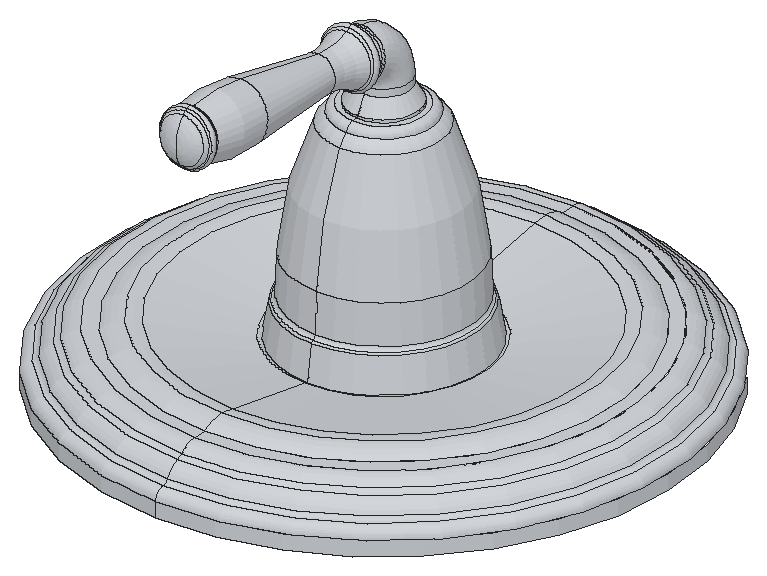
Revit family "Shower-Valve_Trim-KOHLER-Devonshire-K-TS397", category Specialty Equipment, host Face, Revit 2017
Family settings
  Host = Face
  Round Connector Dimension = Use Diameter
  Part Type = Normal
  OmniClass Number = 23.31.25.00
  OmniClass Title = Toilet and Bath Specialties
  Cut with Voids When Loaded = No
  Shared = No
  Room Calculation Point = No
Parameters (values of type "CP-Polished Chrome")
  Width = 7"  # constant formula
  WaterSense Certified = 1 = 0  # no
  URL = "https://www.us.kohler.com/us/"
  Type = 1
  Product Page URL = "http://www.us.kohler.com/us/catalog/productDetails.jsp?productNumber=TS397-4"
  Product Name = "Devonshire"  # constant formula
  Product Documentation Link = "https://www.us.kohler.com/webassets/kpna/catalog/pdf/en/K-TS397-4_spec.pdf"
  Model = if(Type = 1, "K-TS397-4-CP", if(Type = 2, "K-TS397-4-PB", if(Type = 3, "K-TS397-4-BN", if(Type = 4, "K-TS397-4-2BZ", "NA"))))  # "K-TS397-4-CP"
  Material = " Premium Material Construction"  # constant formula
  MasterFormat 2004 = "10.28.13"  # constant formula
  MasterFormat 1995 = "10820"  # constant formula
  Manufacturer Address = "444 Highland Dr, Kohler, WI 53044"  # constant formula
  Manufacturer = "KOHLER Co."  # constant formula
  Length = 4 5/16"  # constant formula
  Height = 7"  # constant formula
  Finish = Kohler-Metal-CP-Polished_Chrome
  Environmental Product Declaration = ""
  Description = "Rite-Temp valve trim with lever handle"  # constant formula
  Default Elevation = 42"
  Declare Label = ""
  Date Modified = "02/03/2020"  # constant formula
  Date Created = "02/03/2020"  # constant formula
  Copyright = "Copyright KOHLER Co."  # constant formula
  Contact Us = "https://www.us.kohler.com/us/static/contact.jsp"
  Assembly Code = "C1030200"
  ADA Compliant = 1 = 1  # yes
Types (5): name | Type | Model | Finish
  (no name) | 1 | "K-TS397-4-CP" | Kohler-Metal-CP-Polished_Chrome
  CP-Polished Chrome | 1 | "K-TS397-4-CP" | Kohler-Metal-CP-Polished_Chrome
  BN-Vibrant Brushed Nickel | 3 | "K-TS397-4-BN" | Kohler-Metal-BN-Vibrant_Brushed_Nickel
  PB-Vibrant Polished Brass | 2 | "K-TS397-4-PB" | Kohler-Metal-PB-Vibrant_Polished_Brass
  2BZ-Oil-Rubbed Bronze | 4 | "K-TS397-4-2BZ" | Kohler-Metal-2BZ-Oil_Rubbed_Bronze
Reference planes (in)
  plane 1 "Center (Front/Back)": y = 0
  plane 2: z = 0
  plane 3 "Center (Left/Right)": x = 0
  plane 4: x = -3.5
  plane 5: y = -3.5
  plane 6: y = -3.1875
  plane 7: x = 3.5
  plane 8: y = 3.5
  plane 9: z = 4.3125
Dimensions and locks (in)
  "Height": plane 5 to plane 8
  "Width": plane 4 to plane 7
  "Length": plane 9 to plane 2
  plane 6 to plane 1 "Center (Front/Back)" = 3 3/16"
  aligned and locked: plane 2 to host face
  aligned and locked: level to host face
Automatic sketch dimensions
  host sketch curve to host sketch curve = 96"  (x2)
Nested families (in)
  nested 1: "K-TS397" at (0, 0, 0), type "K-TS397"
Definition of nested family "K-TS397"
  Parameters (values of type "K-TS397")
    Material = none
  Reference planes (in)
    plane 1 "Center (Front/Back)": y = 0
    plane 2: z = 0
    plane 3 "Center (Left/Right)": x = 0
    plane 4: z = 4.3125
    plane 5: y = -3.1875
    plane 6: y = 3.5
    plane 7: y = -3.5
    plane 8: x = 3.5
    plane 9: x = -3.5
  Forms (in)
    Revolve 1, solid, material <- "Material", detail levels medium+fine
      sketch origin (0, 0, 0) x (0, 1, 0) y (0, 0, 1)
        loop
          line (0, 0) -> (3.5, 0) -> (3.5, 0.18109)
          arc (3.5, 0.18109) -> (3.46726, 0.26625) -> (3.38591, 0.30755) r 0.12714
          arc (3.38591, 0.30755) -> (3.34789, 0.32198) -> (3.32206, 0.3534) r 0.07911
          arc (3.32206, 0.3534) -> (3.26055, 0.43935) -> (3.1712, 0.49583) r 0.27559
          arc (3.1712, 0.49583) -> (3.13618, 0.51418) -> (3.10609, 0.53983) r 0.17725
          arc (3.10609, 0.53983) -> (3.01682, 0.60267) -> (2.90992, 0.62484) r 0.26885
          line (2.90992, 0.62484) -> (2.74294, 0.62484)
          arc (2.74294, 0.62484) -> (2.62366, 0.69024) -> (2.48952, 0.71288) r 0.40872
          arc (2.48952, 0.71288) -> (2.40724, 0.7078) -> (2.3262, 0.69262) r 0.66845
          arc (2.3262, 0.69262) -> (1.77565, 0.5726) -> (1.21851, 0.48825) r 8.75471
          arc (1.21851, 0.48825) -> (1.19274, 0.48115) -> (1.17026, 0.4667) r 0.08886
          line (1.17026, 0.4667) -> (1.10163, 0.86871)
          arc (1.10163, 0.86871) -> (1.09495, 0.88429) -> (1.08193, 0.89512) r 0.03624
          arc (1.08193, 0.89512) -> (1.05823, 0.91659) -> (1.04943, 0.94733) r 0.05828
          arc (1.04943, 0.94733) -> (1.04526, 1.17952) -> (1.03325, 1.41143) r 6.86706
          arc (1.03325, 1.41143) -> (0.91673, 2.14175) -> (0.67199, 2.83963) r 4.13525
          arc (0.67199, 2.83963) -> (0.62779, 2.90611) -> (0.56494, 2.95532) r 0.25068
          arc (0.56494, 2.95532) -> (0.53851, 3.01875) -> (0.475, 3.045) r 0.08994
          line (0.475, 3.045) -> (0.40532, 3.045) -> (0.40532, 3.07573) -> (0.29687, 3.2681) -> (0, 3.2681) -> (0, 0)
        axis (0, 3.2681) -> (0, 0)
      angle from 0 to 360
    Revolve 2, solid, material <- "Material", detail levels medium+fine
      sketch origin (0, 0, 0) x (0, 1, 0) y (0, 0, 1)
        loop
          line (-3.18256, 3.99444) -> (-0.39655, 3.7507) -> (-0.37068, 4.04645) -> (-0.41329, 4.05017)
          arc (-0.41329, 4.05017) -> (-0.43632, 4.05947) -> (-0.45023, 4.08004) r 0.04252
          arc (-0.45023, 4.08004) -> (-0.48732, 4.11238) -> (-0.53277, 4.0935) r 0.04667
          arc (-0.53277, 4.0935) -> (-0.54604, 4.07949) -> (-0.56259, 4.06957) r 0.07096
          arc (-0.56259, 4.06957) -> (-0.78064, 4.01248) -> (-1.00586, 4.02123) r 0.7671
          arc (-1.00586, 4.02123) -> (-1.60308, 4.13856) -> (-2.19841, 4.2651) r 39.4271
          arc (-2.19841, 4.2651) -> (-2.55755, 4.30944) -> (-2.91864, 4.28566) r 1.92141
          arc (-2.91864, 4.28566) -> (-2.93628, 4.2873) -> (-2.95092, 4.29727) r 0.03541
          arc (-2.95092, 4.29727) -> (-2.98209, 4.31205) -> (-3.0142, 4.29943) r 0.04341
          arc (-3.0142, 4.29943) -> (-3.02652, 4.28941) -> (-3.0406, 4.28205) r 0.07912
          arc (-3.0406, 4.28205) -> (-3.06197, 4.27045) -> (-3.08009, 4.25424) r 0.10471
          arc (-3.08009, 4.25424) -> (-3.1542, 4.13336) -> (-3.18256, 3.99444) r 0.4087
        axis (-3.18256, 3.99444) -> (-0.39655, 3.7507)
      angle from 0 to 360
    Sweep 3, solid, material <- "Material", detail levels medium+fine
      path origin (0, 0, 0) x (0, 1, 0) y (0, 0, 1)
        loop
          line (-0.39655, 3.7507) -> (-0.35966, 3.74747)
          arc (-0.35966, 3.74747) -> (-0.10351, 3.62115) -> (0, 3.35498) r 0.394
          line (0, 3.35498) -> (0, 3.2681)
      profile origin (0, -0.39655, 3.7507) x (0, -0.087156, -0.996195) y (1, 0, 0)
        loop
          circle (0, 0) r 0.29688
    Revolve 4, solid, material <- "Material", detail levels coarse
      sketch origin (0, 0, 0) x (0, 1, 0) y (0, 0, 1)
        loop
          line (0, 2.85286) -> (0, 0) -> (3.5, 0) -> (3.5, 0.71288) -> (1.12823, 0.71288) -> (0.39981, 2.85286) -> (0, 2.85286)
        axis (0, 2.85286) -> (0, 0)
      angle from 0 to 360
    Sweep 5, solid, material <- "Material", detail levels coarse
      path origin (0, 0, 0) x (0, 1, 0) y (0, 0, 1)
        loop
          line (-3.18256, 3.99444) -> (-0.5924, 3.99444)
          arc (-0.5924, 3.99444) -> (-0.17351, 3.82093) -> (0, 3.40204) r 0.5924
          line (0, 3.40204) -> (0, 2.85286)
      profile origin (0, 0, 2.85286) x (0, -1, 0) y (1, 0, 0)
        loop
          circle (0, 0) r 0.39981
  Cuts and joins
    joined: Revolve 1, Revolve 2, Sweep 3
    joined: Revolve 4, Sweep 5
  Lines and regions (in)
    Masking region 1
      outline origin (0, 0, 0) x (0, 1, 0) y (0, 0, 1)
        loop
          line (0, 0) -> (3.5, 0) -> (3.5, 0.18109)
          arc (3.5, 0.18109) -> (3.46726, 0.26625) -> (3.38591, 0.30755) r 0.12714
          arc (3.38591, 0.30755) -> (3.34789, 0.32198) -> (3.32206, 0.3534) r 0.07911
          arc (3.32206, 0.3534) -> (3.26055, 0.43935) -> (3.1712, 0.49583) r 0.27559
          arc (3.1712, 0.49583) -> (3.13618, 0.51418) -> (3.10609, 0.53983) r 0.17725
          arc (3.10609, 0.53983) -> (3.01682, 0.60267) -> (2.90992, 0.62484) r 0.26885
          line (2.90992, 0.62484) -> (2.74294, 0.62484)
          arc (2.74294, 0.62484) -> (2.62366, 0.69024) -> (2.48952, 0.71288) r 0.40872
          line (2.48952, 0.71288) -> (1.12823, 0.71288) -> (1.10163, 0.86871)
          arc (1.10163, 0.86871) -> (1.09495, 0.88429) -> (1.08193, 0.89512) r 0.03624
          arc (1.08193, 0.89512) -> (1.05823, 0.91659) -> (1.04943, 0.94733) r 0.05828
          arc (1.04943, 0.94733) -> (1.04526, 1.17952) -> (1.03325, 1.41143) r 6.86706
          arc (1.03325, 1.41143) -> (0.91673, 2.14175) -> (0.67199, 2.83963) r 4.13525
          arc (0.67199, 2.83963) -> (0.62779, 2.90611) -> (0.56494, 2.95532) r 0.25068
          arc (0.56494, 2.95532) -> (0.53851, 3.01875) -> (0.475, 3.045) r 0.08994
          line (0.475, 3.045) -> (0.40532, 3.045)
          arc (0.40532, 3.045) -> (0.38484, 3.10436) -> (0.35736, 3.16082) r 0.52066
          arc (0.35736, 3.16082) -> (0.31442, 3.25849) -> (0.29158, 3.36271) r 0.53871
          arc (0.29158, 3.36271) -> (0.05978, 3.83254) -> (-0.41664, 4.05047) r 0.78165
          line (-0.41664, 4.05047) -> (-0.45925, 4.05419)
          arc (-0.45925, 4.05419) -> (-0.48228, 4.06349) -> (-0.49619, 4.08406) r 0.04252
          arc (-0.49619, 4.08406) -> (-0.5333, 4.1164) -> (-0.57875, 4.09749) r 0.04667
          arc (-0.57875, 4.09749) -> (-0.59072, 4.08453) -> (-0.6055, 4.0749) r 0.07116
          arc (-0.6055, 4.0749) -> (-0.80136, 4.01581) -> (-1.00586, 4.02123) r 0.64297
          arc (-1.00586, 4.02123) -> (-1.60308, 4.13856) -> (-2.19841, 4.2651) r 39.4271
          arc (-2.19841, 4.2651) -> (-2.55755, 4.30944) -> (-2.91864, 4.28566) r 1.92141
          arc (-2.91864, 4.28566) -> (-2.93628, 4.2873) -> (-2.95092, 4.29727) r 0.03541
          arc (-2.95092, 4.29727) -> (-2.98209, 4.31205) -> (-3.0142, 4.29943) r 0.04341
          arc (-3.0142, 4.29943) -> (-3.02652, 4.28941) -> (-3.0406, 4.28205) r 0.07912
          arc (-3.0406, 4.28205) -> (-3.06197, 4.27045) -> (-3.08009, 4.25424) r 0.10471
          arc (-3.08009, 4.25424) -> (-3.1542, 4.13336) -> (-3.18256, 3.99444) r 0.4087
          arc (-3.18256, 3.99444) -> (-3.17876, 3.85271) -> (-3.12676, 3.72081) r 0.4087
          arc (-3.12676, 3.72081) -> (-3.11173, 3.70169) -> (-3.0927, 3.68655) r 0.10471
          arc (-3.0927, 3.68655) -> (-3.08011, 3.67686) -> (-3.06971, 3.66485) r 0.07912
          arc (-3.06971, 3.66485) -> (-3.04029, 3.64685) -> (-3.00702, 3.65599) r 0.04341
          arc (-3.00702, 3.65599) -> (-2.99088, 3.66327) -> (-2.97322, 3.66183) r 0.03541
          arc (-2.97322, 3.66183) -> (-2.62175, 3.5757) -> (-2.26036, 3.557) r 1.92141
          arc (-2.26036, 3.557) -> (-1.6521, 3.57824) -> (-1.04359, 3.59008) r 39.4271
          arc (-1.04359, 3.59008) -> (-0.84124, 3.55991) -> (-0.65862, 3.46771) r 0.64297
          arc (-0.65862, 3.46771) -> (-0.64573, 3.45566) -> (-0.6362, 3.44081) r 0.07116
          arc (-0.6362, 3.44081) -> (-0.59473, 3.4143) -> (-0.55256, 3.43971) r 0.04667
          arc (-0.55256, 3.43971) -> (-0.53529, 3.45755) -> (-0.511, 3.4627) r 0.04252
          line (-0.511, 3.4627) -> (-0.41994, 3.45474)
          arc (-0.41994, 3.45474) -> (-0.33153, 3.41067) -> (-0.29689, 3.31816) r 0.13481
          arc (-0.29689, 3.31816) -> (-0.30247, 3.27093) -> (-0.32017, 3.22678) r 0.18072
          arc (-0.32017, 3.22678) -> (-0.36617, 3.13749) -> (-0.40532, 3.045) r 1.33512
          line (-0.40532, 3.045) -> (-0.475, 3.045)
          arc (-0.475, 3.045) -> (-0.53851, 3.01875) -> (-0.56494, 2.95532) r 0.08994
          arc (-0.56494, 2.95532) -> (-0.62779, 2.90611) -> (-0.67199, 2.83963) r 0.25068
          arc (-0.67199, 2.83963) -> (-0.91673, 2.14175) -> (-1.03325, 1.41143) r 4.13525
          arc (-1.03325, 1.41143) -> (-1.04526, 1.17952) -> (-1.04943, 0.94733) r 6.86706
          arc (-1.04943, 0.94733) -> (-1.05823, 0.91659) -> (-1.08193, 0.89512) r 0.05828
          arc (-1.08193, 0.89512) -> (-1.09495, 0.88429) -> (-1.10163, 0.86871) r 0.03624
          line (-1.10163, 0.86871) -> (-1.12823, 0.71288) -> (-2.48952, 0.71288)
          arc (-2.48952, 0.71288) -> (-2.62366, 0.69024) -> (-2.74294, 0.62484) r 0.40872
          line (-2.74294, 0.62484) -> (-2.90992, 0.62484)
          arc (-2.90992, 0.62484) -> (-3.01682, 0.60267) -> (-3.10609, 0.53983) r 0.26885
          arc (-3.10609, 0.53983) -> (-3.13618, 0.51418) -> (-3.1712, 0.49583) r 0.17725
          arc (-3.1712, 0.49583) -> (-3.26055, 0.43935) -> (-3.32206, 0.3534) r 0.27559
          arc (-3.32206, 0.3534) -> (-3.34789, 0.32198) -> (-3.38591, 0.30755) r 0.07911
          arc (-3.38591, 0.30755) -> (-3.46726, 0.26625) -> (-3.5, 0.18109) r 0.12714
          line (-3.5, 0.18109) -> (-3.5, 0) -> (0, 0)
    Masking region 2
      outline origin (0, 0, 0) x (1, 0, 0) y (0, 0, 1)
        loop
          line (0, 0) -> (3.5, 0) -> (3.5, 0.18109)
          arc (3.5, 0.18109) -> (3.46726, 0.26625) -> (3.38591, 0.30755) r 0.12714
          arc (3.38591, 0.30755) -> (3.34789, 0.32198) -> (3.32206, 0.3534) r 0.07911
          arc (3.32206, 0.3534) -> (3.26055, 0.43935) -> (3.1712, 0.49583) r 0.27559
          arc (3.1712, 0.49583) -> (3.13618, 0.51418) -> (3.10609, 0.53983) r 0.17725
          arc (3.10609, 0.53983) -> (3.01682, 0.60267) -> (2.90992, 0.62484) r 0.26885
          line (2.90992, 0.62484) -> (2.74294, 0.62484)
          arc (2.74294, 0.62484) -> (2.62366, 0.69024) -> (2.48952, 0.71288) r 0.40872
          line (2.48952, 0.71288) -> (1.12823, 0.71288) -> (1.10163, 0.86871)
          arc (1.10163, 0.86871) -> (1.09495, 0.88429) -> (1.08193, 0.89512) r 0.03624
          arc (1.08193, 0.89512) -> (1.05823, 0.91659) -> (1.04943, 0.94733) r 0.05828
          arc (1.04943, 0.94733) -> (1.04526, 1.17952) -> (1.03325, 1.41143) r 6.86706
          arc (1.03325, 1.41143) -> (0.91673, 2.14175) -> (0.67199, 2.83963) r 4.13525
          arc (0.67199, 2.83963) -> (0.62779, 2.90611) -> (0.56494, 2.95532) r 0.25068
          arc (0.56494, 2.95532) -> (0.53851, 3.01875) -> (0.475, 3.045) r 0.08994
          line (0.475, 3.045) -> (0.40532, 3.045)
          arc (0.40532, 3.045) -> (0.38435, 3.10552) -> (0.35611, 3.16302) r 0.52066
          arc (0.35611, 3.16302) -> (0.31193, 3.2709) -> (0.29688, 3.38649) r 0.45118
          line (0.29688, 3.38649) -> (0.29688, 3.57819)
          arc (0.29688, 3.57819) -> (0.34239, 3.68753) -> (0.34941, 3.80576) r 0.35508
          arc (0.34941, 3.80576) -> (0.36257, 3.84806) -> (0.36967, 3.89179) r 0.31505
          arc (0.36967, 3.89179) -> (0.36517, 3.99895) -> (0.33278, 4.10119) r 0.40609
          arc (0.33278, 4.10119) -> (0.1971, 4.25521) -> (0, 4.3125) r 0.36768
          arc (0, 4.3125) -> (-0.1971, 4.25521) -> (-0.33278, 4.10119) r 0.36768
          arc (-0.33278, 4.10119) -> (-0.36517, 3.99895) -> (-0.36967, 3.89179) r 0.40609
          arc (-0.36967, 3.89179) -> (-0.36257, 3.84806) -> (-0.34941, 3.80576) r 0.31505
          arc (-0.34941, 3.80576) -> (-0.34239, 3.68753) -> (-0.29687, 3.57819) r 0.35508
          line (-0.29687, 3.57819) -> (-0.29687, 3.38649)
          arc (-0.29687, 3.38649) -> (-0.31193, 3.2709) -> (-0.35611, 3.16302) r 0.45118
          arc (-0.35611, 3.16302) -> (-0.38435, 3.10552) -> (-0.40532, 3.045) r 0.52066
          line (-0.40532, 3.045) -> (-0.475, 3.045)
          arc (-0.475, 3.045) -> (-0.53851, 3.01875) -> (-0.56494, 2.95532) r 0.08994
          arc (-0.56494, 2.95532) -> (-0.62779, 2.90611) -> (-0.67199, 2.83963) r 0.25068
          arc (-0.67199, 2.83963) -> (-0.91673, 2.14175) -> (-1.03325, 1.41143) r 4.13525
          arc (-1.03325, 1.41143) -> (-1.04526, 1.17952) -> (-1.04943, 0.94733) r 6.86706
          arc (-1.04943, 0.94733) -> (-1.05823, 0.91659) -> (-1.08193, 0.89512) r 0.05828
          arc (-1.08193, 0.89512) -> (-1.09495, 0.88429) -> (-1.10163, 0.86871) r 0.03624
          line (-1.10163, 0.86871) -> (-1.12823, 0.71288) -> (-2.48952, 0.71288)
          arc (-2.48952, 0.71288) -> (-2.62366, 0.69024) -> (-2.74294, 0.62484) r 0.40872
          line (-2.74294, 0.62484) -> (-2.90992, 0.62484)
          arc (-2.90992, 0.62484) -> (-3.01682, 0.60267) -> (-3.10609, 0.53983) r 0.26885
          arc (-3.10609, 0.53983) -> (-3.13618, 0.51418) -> (-3.1712, 0.49583) r 0.17725
          arc (-3.1712, 0.49583) -> (-3.26055, 0.43935) -> (-3.32206, 0.3534) r 0.27559
          arc (-3.32206, 0.3534) -> (-3.34789, 0.32198) -> (-3.38591, 0.30755) r 0.07911
          arc (-3.38591, 0.30755) -> (-3.46726, 0.26625) -> (-3.5, 0.18109) r 0.12714
          line (-3.5, 0.18109) -> (-3.5, 0) -> (0, 0)
    Masking region 3
      outline origin (0, 0, 0) x (1, 0, 0) y (0, 1, 0)
        loop
          arc (0, 3.5) -> (-2.47487, 2.47487) -> (-3.5, 0) r 3.5
          arc (-3.5, 0) -> (-2.47487, -2.47487) -> (0, -3.5) r 3.5
          arc (0, -3.5) -> (2.47487, -2.47487) -> (3.5, 0) r 3.5
          arc (3.5, 0) -> (2.47487, 2.47487) -> (0, 3.5) r 3.5
    symbolic lines, detail levels medium+fine
      curve 1: line (0, -0.49619, 4.08406) -> (0, -0.55256, 3.43971)
      curve 2: line (0, 0.40532, 3.045) -> (0, -0.40532, 3.045)
      curve 3: line (0, 0.56494, 2.95532) -> (0, -0.56494, 2.95532)
      curve 4: line (0, 1.12823, 0.71288) -> (0, -1.12823, 0.71288)
      curve 5: line (0, 3.1712, 0.49583) -> (0, -3.1712, 0.49583)
      curve 6: line (0, 3.38591, 0.30755) -> (0, -3.38591, 0.30755)
      curve 7: line (0.40532, 0, 3.045) -> (-0.40532, 0, 3.045)
      curve 8: line (0.56494, 0, 2.95532) -> (-0.56494, 0, 2.95532)
      curve 9: line (1.12823, 0, 0.71288) -> (-1.12823, 0, 0.71288)
      curve 10: line (3.1712, 0, 0.49583) -> (-3.1712, 0, 0.49583)
      curve 11: line (3.38591, 0, 0.30755) -> (-3.38591, 0, 0.30755)
      curve 12: line (0.29688, 0, 3.57819) -> (0.29688, 0, 3.7724)
      curve 13: arc (0.29688, 0, 3.7724) -> (0.20516, 0, 3.97347) -> (0, 0, 4.05564) r 0.2972
      curve 14: arc (0.34941, 0, 3.80576) -> (0.23399, 0, 4.02796) -> (0, 0, 4.11708) r 0.35175
      curve 15: line (-0.29687, 0, 3.57819) -> (-0.29687, 0, 3.7724)
      curve 16: arc (-0.29687, 0, 3.7724) -> (-0.20516, 0, 3.97347) -> (0, 0, 4.05564) r 0.2972
      curve 17: arc (-0.34941, 0, 3.80576) -> (-0.23399, 0, 4.02796) -> (0, 0, 4.11708) r 0.35175
      curve 18: arc (-0.28013, -3.09386, 0) -> (-0.14769, -3.16347, 0) -> (0, -3.1875, 0) r 0.46585
      curve 19: arc (-0.30156, -3.06355, 0) -> (-0.29322, -3.08038, 0) -> (-0.28013, -3.09386, 0) r 0.06078
      curve 20: arc (-0.31723, -3.04422, 0) -> (-0.30756, -3.0524, 0) -> (-0.30156, -3.06355, 0) r 0.03387
      curve 21: arc (-0.32246, -2.97943, 0) -> (-0.33706, -3.01321, 0) -> (-0.31723, -3.04422, 0) r 0.03921
      curve 22: arc (-0.31199, -2.94895, 0) -> (-0.3128, -2.96571, 0) -> (-0.32246, -2.97943, 0) r 0.03006
      curve 23: arc (-0.31199, -2.94895, 0) -> (-0.35445, -2.71901, 0) -> (-0.37262, -2.48588, 0) r 2.23215
      curve 24: arc (-0.37262, -2.48588, 0) -> (-0.36919, -2.31942, 0) -> (-0.35049, -2.15398, 0) r 1.8117
      curve 25: arc (-0.35049, -2.15398, 0) -> (-0.30643, -1.85008, 0) -> (-0.27119, -1.54504, 0) r 10.59661
      curve 26: arc (-0.27119, -1.54504, 0) -> (-0.24603, -1.30154, 0) -> (-0.21969, -1.05817, 0) r 50.44998
      curve 27: arc (-0.29485, -0.46809, 0) -> (-0.31137, -0.4433, 0) -> (-0.33311, -0.42295, 0) r 0.12943
      curve 28: arc (-0.33311, -0.42295, 0) -> (-0.35161, -0.37818, 0) -> (-0.32069, -0.34088, 0) r 0.04696
      curve 29: arc (-0.32069, -0.34088, 0) -> (-0.305, -0.33012, 0) -> (-0.29687, -0.31292, 0) r 0.03643
      curve 30: arc (0.28013, -3.09386, 0) -> (0.14769, -3.16347, 0) -> (0, -3.1875, 0) r 0.46585
      curve 31: arc (0.30156, -3.06355, 0) -> (0.29322, -3.08038, 0) -> (0.28013, -3.09386, 0) r 0.06078
      curve 32: arc (0.31723, -3.04422, 0) -> (0.30756, -3.0524, 0) -> (0.30156, -3.06355, 0) r 0.03387
      curve 33: arc (0.32246, -2.97943, 0) -> (0.33706, -3.01321, 0) -> (0.31723, -3.04422, 0) r 0.03921
      curve 34: arc (0.31199, -2.94895, 0) -> (0.3128, -2.96571, 0) -> (0.32246, -2.97943, 0) r 0.03006
      curve 35: arc (0.31199, -2.94895, 0) -> (0.35445, -2.71901, 0) -> (0.37262, -2.48588, 0) r 2.23215
      curve 36: arc (0.37262, -2.48588, 0) -> (0.36919, -2.31942, 0) -> (0.35049, -2.15398, 0) r 1.8117
      curve 37: arc (0.35049, -2.15398, 0) -> (0.30643, -1.85008, 0) -> (0.27119, -1.54504, 0) r 10.59661
      curve 38: arc (0.27119, -1.54504, 0) -> (0.24603, -1.30154, 0) -> (0.21969, -1.05817, 0) r 50.44998
      curve 39: arc (0.29485, -0.46809, 0) -> (0.31137, -0.4433, 0) -> (0.33311, -0.42295, 0) r 0.12943
      curve 40: arc (0.33311, -0.42295, 0) -> (0.35161, -0.37818, 0) -> (0.32069, -0.34088, 0) r 0.04696
      curve 41: arc (0.32069, -0.34088, 0) -> (0.305, -0.33012, 0) -> (0.29687, -0.31292, 0) r 0.03643
      curve 42: arc (-0.28823, -0.48588, 0) -> (0, 0.56494, 0) -> (0.28823, -0.48588, 0) r 0.56494
      curve 43: arc (0.22491, -1.10559, 0) -> (0, 1.12823, 0) -> (-0.22491, -1.10559, 0) r 1.12823
      curve 44: line (-0.32246, -2.97943, 0) -> (0.32246, -2.97943, 0)
      curve 45: line (-0.31723, -3.04422, 0) -> (0.31723, -3.04422, 0)
      curve 46: arc (0.21571, -3.13455, 0) -> (0, 3.14196, 0) -> (-0.21571, -3.13455, 0) r 3.14196
      curve 47: arc (0.3689, -2.31519, 0) -> (0, 2.3444, 0) -> (-0.3689, -2.31519, 0) r 2.3444
      curve 48: arc (-0.56494, -0.0005, 0) -> (-0.37307, -0.10718, 0) -> (-0.29687, -0.31307, 0) r 0.31627
      curve 49: arc (0.56494, -0.0005, 0) -> (0.37307, -0.10718, 0) -> (0.29688, -0.31307, 0) r 0.31627
      curve 50: arc (0.21969, -1.05817, 0) -> (0.22215, -0.75865, 0) -> (0.29485, -0.46809, 0) r 1.26713
      curve 51: arc (-0.21969, -1.05817, 0) -> (-0.22215, -0.75865, 0) -> (-0.29485, -0.46809, 0) r 1.26713
      curve 52: line (-0.29687, -0.31307, 0) -> (0.29688, -0.31307, 0)
      curve 53: line (0, -3.0142, 4.29943) -> (0, -3.06971, 3.66485)
      curve 54: line (0, -2.95092, 4.29727) -> (0, -3.00702, 3.65599)
  Dimensions and locks (in)
    plane 6 to plane 1 "Center (Front/Back)" = 3 1/2"
    plane 1 "Center (Front/Back)" to plane 5 = 3 3/16"
    plane 4 to plane 2 = 4 5/16"  (x2)
    plane 9 to plane 8 = 7"
    plane 7 to plane 6 = 7"
    plane 5 to plane 1 "Center (Front/Back)" = 3 3/16"
    aligned and locked: plane 2 to level
